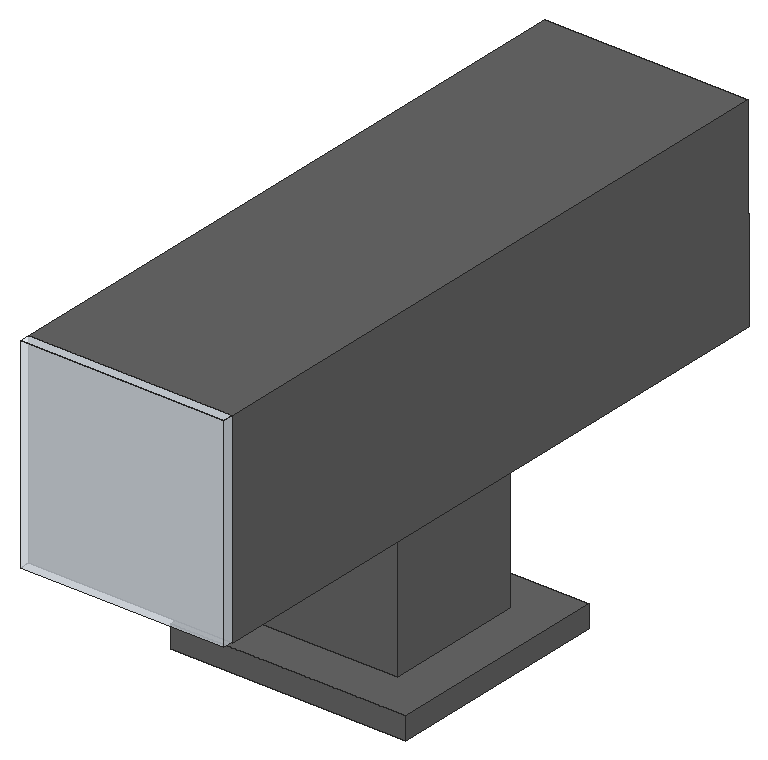
Revit family "LTC-3SQD-W", category Lighting Fixtures, host Face, Revit 2014
Parameters (values of type "LTC-3SQD-W")
  Wattage Comments = "8-25W"  # constant formula
  Wattage = 70 W
  Warranty = "• 5 year warranty\r\n• See HLI Standard Warranty for\r\nadditional information"  # constant formula
  built-in parameter 1150110 = 1 (stored number, unit not read)
  Voltage = 120 V
  built-in parameter 1114217 = 1 (stored number, unit not read)
  Tilt Angle = -90.00°  # constant formula
  built-in parameter 1150109 = 1 (stored number, unit not read)
  built-in parameter 1150134 = 3
  built-in parameter 1150113 = 1 (stored number, unit not read)
  Photometric Web File = "LTC-3SQD-P-20L35K8MD-DM1-S-BL.ies"
  Features = "•\t3inch architectural LED square downlight and wall wash cylinder delivering 600 - 2000 lm\r\n•\t4 beam distributions from 0.6 to 1.2 Spacing Criteria\r\n•\tQuiet reflector appearance with 50º optical cutoff\r\n•\t2700K - 5000K, 80+ and 90+ CRI options\r\n•\tAvailable in Surface, Wall, Pendant, or Cord Mount configurations\r\n•\tVariety of dimming protocol options including 0-10V, DALI, DMX, Forward Phase and EcoSystem\r\n•\tNX Distributed Intelligence™ wired and wireless controls capability available\r\n•\t2 SDCM color consistency\r\n•\tLong life L90 at 55,000 hrs (TM-21)\r\n•\tFive year warranty\r\n\r\n"  # constant formula
  built-in parameter 1150105 = -12994800 (stored number, unit not read)
  Lumens = 4900 lm
  built-in parameter 1150115 = 1 (stored number, unit not read)
  built-in parameter 1150137 = (empty or 0)
  built-in parameter 1150139 = (empty or 0)
  built-in parameter 1150112 = 1 (stored number, unit not read)
  built-in parameter 1150114 = 1 (stored number, unit not read)
  built-in parameter 1150132 = (empty or 0)
  built-in parameter 1150102 = (empty or 0)
  built-in parameter 1150107 = 3200 (stored number, unit not read)
  built-in parameter 1150138 = (empty or 0)
  built-in parameter 1150106 = -129948 (stored number, unit not read)
  Emit from Rectangle Width = 4.000"  # constant formula
  Emit from Rectangle Length = 4.000"  # constant formula
  Emit Shape Visible in Rendering = no
  built-in parameter 1150104 = 6.5032 (stored number, unit not read)
  Dimming Lamp Color Temperature Shift = <None>
  Copyright = "© 2019 Prescolite, a division of Hubbell Lighting, Inc"  # constant formula
  Contact us = "https://www.hubbell.com/prescolite/en/contactUs"
  Color Filter = 16777215
  Certifications = "• cCSAus certified to UL 1598\r\n• Wall Mount: Suitable for wet locations\r\n• Surface & Pendant Mount: Suitable for wet\r\nlocations under covered ceiling\r\n• Cord Mount and all Wall Wash: Suitable for\r\ndamp locations"  # constant formula
  built-in parameter 1114218 = 1 (stored number, unit not read)
  Ballast = Paint - Hubbell - Carbon Black
  URL = "http://www.prescolite.com/"
  Product Page URL = "https://www.hubbell.com/prescolite/en/Products/Lighting-Controls/Commercial-Indoor-Lighting/Cylinder/LITEISTRY-3-Square-Cylinder-Downlight/p/3775883"
  Product Documentation Link = "https://hubbellcdn.com/specsheet/LTC-3SQD.pdf"
  Model = "LTC-3SQD"  # constant formula
  Manufacturer = "Prescolite"  # constant formula
  Lamp = "LED Lamp"
  Reflector = Glass - Hubbell - Glass
  Description = "LITEISTRY™ 3inch Square Cylinder "  # constant formula
  Default Elevation = 48.000"
  Backbox = Hubbell - Matt Black
  built-in parameter 1150133 = 10 (stored number, unit not read)
  Apparent Load = 72 VA  # constant formula
Reference planes (in)
  plane 1 "Center (Front/Back)": y = 0
  plane 2: z = 0
  plane 3 "Center (Left/Right)": x = 0
  plane 4: x = -1
  plane 5: y = 1
  plane 6: x = 1
  plane 7: y = -1
  plane 8: y = 7
  plane 9: y = -7
  plane 10: y = -2.25
  plane 11: y = 2.25
  plane 12: z = 3.25714
Forms (in)
  Sweep 1, solid, material "Hubbell - Matt Black" <- "Backbox"
    path origin (5.35334, -0.10203, -0.08036) x (1, 0, 0) y (0, 1, 0)
      loop
        line (-7.61401, 2.28999) -> (-7.61401, -2.21001) -> (-2.98901, -2.21001) -> (-2.98901, 2.28999) -> (-7.61401, 2.28999)
    profile origin (0.05183, 2.18797, -0.08036) x (0, 1, 0) y (0, 0, 1)
      loop
        line (0, 0.4375) -> (-0.86619, 0.4375) -> (-0.86619, 3.97391) -> (-0.96619, 3.97391) -> (-0.96619, 0.3375) -> (-0.1, 0.3375) -> (-0.1, 0) -> (0, 0) -> (0, 0.4375)
Dimensions and locks (in)
  plane 4 to plane 3 "Center (Left/Right)" to plane 6 = 1.000" locked, 1.000" locked
  plane 5 to plane 1 "Center (Front/Back)" to plane 7 = 1.000" locked, 1.000" locked
  locked: Sweep 1 sketch curve to Sweep 1 sketch curve at 3.63641
  locked: Sweep 1 sketch curve to Sweep 1 sketch curve at 0.96619
  locked: Sweep 1 sketch curve to Sweep 1 sketch curve at 0.1  (x2)
  aligned and locked: plane 2 to host face
  aligned and locked: plane 3 "Center (Left/Right)" to imposter light
Nested families (in)
  nested 1: "LTC" at (0, 0.10365, 0.25) x (0, -1, 0) z (0, 0, 1), Ballast <- "Ballast", Reflector <- "Reflector", type "6"
    with Reflector Glass - Hubbell - Glass, Ballast Paint - Hubbell - Carbon Black
Connectors (in)
  electrical at (0, 0, 0), driven by "Description", driven by "Voltage", driven by "Apparent Load"
    settings: index 1, voltage 120 V, apparent load 72 VA, apparent load phase1 0 VA, apparent load phase2 0 VA, apparent load phase3 0 VA, power factor 1, load classification "Other", number of poles 1, system type 30, power factor state 1, is connector primary yes, connector utility no, sub classification motor no, connector description "LITEISTRY™ 3inch Square Cylinder "
Definition of nested family "LTC"
  Parameters (values of type "6")
    Width = 12.89844"
    Wattage Comments = ""
    Lamp = ""
    Ballast [instance] = Finish - Hubbell - Aluminium
    URL = ""
    Product Page URL = ""
    Product Documentation Link = ""
    Model = ""
    Manufacturer Phone = ""
    Manufacturer Fax = ""
    Manufacturer = "Prescolite"
    Reflector [instance] = Glass - Hubbell - Glass
    Description = ""
    Default Elevation = 48.000"
  Reference planes (in)
    plane 1 "Center (Front/Back)": y = 0
    plane 2: z = 0
    plane 3 "Center (Left/Right)": x = 0
    plane 4: y = 7.75
    plane 5: y = -7.75
    plane 6: x = -6.44922
    plane 7: x = 6.44922
    plane 8: x = 6.22865
    plane 9: x = -7.64635
    plane 10: z = 6.9
    plane 11: x = 6.10365
  Forms (in)
    Extrusion 1, solid
      sketch origin (0, 0, 0) x (1, 0, 0) y (0, 1, 0)
        loop
          line (-48, 48) -> (-48, -48) -> (48, -48) -> (48, 48) -> (-48, 48)
      from 0 to -6
    Extrusion 2, solid, material "Glass - Hubbell - Glass" <- "Reflector"
      sketch origin (22.47865, 0, 7.77135) x (0, 0, -1) y (0, 1, 0)
        loop
          line (0.82643, 2) -> (0.82643, -2) -> (4.82643, -2) -> (4.82643, 2) -> (0.82643, 2)
      from -16.02943 to -16.25
    Extrusion 3, solid, material "Finish - Hubbell - Aluminium" <- "Ballast"
      sketch origin (0, 0, 0) x (0, 1, 0) y (0, 0, 1)
        loop
          line (2, 6.94492) -> (-2, 6.94492) -> (-2, 2.94492) -> (2, 2.94492) -> (2, 6.94492)
      from -6.44922 to 6.22865
  Dimensions and locks (in)
    locked: plane 4 to plane 1 "Center (Front/Back)" at 7.75
    locked: plane 5 to plane 1 "Center (Front/Back)" at 7.75
    "Width": plane 7 to plane 6
    equal spacing: plane 7, plane 3 "Center (Left/Right)", plane 6
    locked: plane 8 to plane 11 at 0.125
    aligned and locked: plane 2 to Extrusion 1
    aligned and locked: plane 7 to Extrusion 2
    aligned and locked: Extrusion 2 to plane 8
  Automatic sketch dimensions
    Extrusion 1 sketch curve to Extrusion 1 sketch curve = 96.000"  (x2)
    Extrusion 3 sketch curve to plane 10 = 0.04492"
    plane 1 "Center (Front/Back)" to Extrusion 3 sketch curve = 2.000"
    Extrusion 3 sketch curve to plane 1 "Center (Front/Back)" = 2.000"
    level to Extrusion 3 sketch curve = 2.94492"
    Extrusion 2 sketch curve to plane 10 = 0.04492"
    level to Extrusion 2 sketch curve = 2.94492"
    plane 1 "Center (Front/Back)" to Extrusion 2 sketch curve = 2.000"
    Extrusion 2 sketch curve to plane 1 "Center (Front/Back)" = 2.000"
